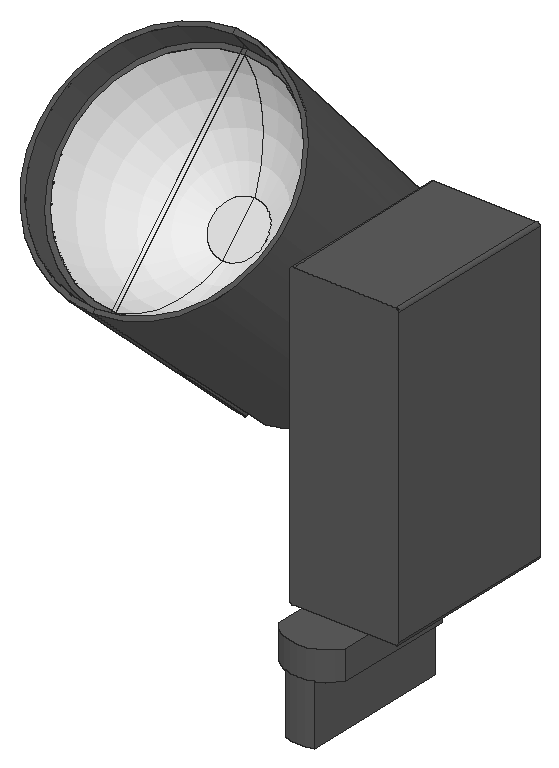
Revit family "0004858 Feilo Sylvania Lighting Fixture START TRACK SPOT L 55W 4K RA80 WB BLACK", category Lighting Fixtures, host Face, Revit 2017
Family settings
  Host = Face
  Round Connector Dimension = Use Diameter
  Part Type = Normal
  OmniClass Number = 23.80.70.00
  OmniClass Title = Lighting
  Cut with Voids When Loaded = No
  Light Source = No
  Shared = No
  Room Calculation Point = No
Parameters (values of type "0004858 START TRACK SPOT L 55W 4K RA80 WB BLACK")
  Weight = "1.398 kg"
  Wattage Comments = ""
  WarrantyStartDate [instance] = "n/a"
  WarrantyGuarantorParts = "n/a"
  WarrantyDurationUnit = "n/a"
  WarrantyDurationParts = "n/a"
  WarrantyDescription = "n/a"
  Voltage = 230 V
  URL = "http://www.sylvania-lighting.com"
  TypeName = "START TRACK SPOT L 55W 4K RA80 WB BLACK"
  TypeHead_FEILO = Start Track Spot Head : 0004858 START TRACK SPOT L 55W 4K RA80 WB BLACK
  TypeBox_FEILO = Start Track Spot Box : Type Large Black
  Type Image = <None>
  Type Comments = "n/a"
  VerticalRotation_FEILO [instance] = 0.00°
  SlideEndAngle_FEILO [instance] = VerticalRotation_FEILO + 180.00°  # 180.00°
  SerialNumber [instance] = "n/a"
  Material_3_FEILO = none
  PowerFactor = 0.96
  PowerConsumption = "55 W"
  NominalLength = 0 mm
  NominalHeight = 240 mm
  NominalDepth = 164 mm
  Name = "START TRACK SPOT L 55W 4K RA80 WB BLACK"
  ModelReference = Name  # "START TRACK SPOT L 55W 4K RA80 WB BLACK"
  ModelNumber = "0004858"
  Model = Name  # "START TRACK SPOT L 55W 4K RA80 WB BLACK"
  Material = "adc12 aluminium housing, polycarbonate diffuser"
  ManufacturerName = "Feilo Sylvania"
  Manufacturer = "Feilo Sylvania"
  LuminousEfficacy = "97 lm/W"
  LuminaireType = ""
  LightOutputRatio = "100"
  LampsType = Lamp  # "LED"
  LampNominalLuminous = "5320 lm"
  LampMacAdamStep = "3"
  LampColourTemperature = "4000 K"
  LampColourRenderingIndex = "80"
  Lamp = "LED"
  Keynote = "16500"
  InstallationDate [instance] = "n/a"
  InputVoltage = "230-240V~"
  InputNominalFrequency = "50/60 Hz"
  IngressProtection = "IP20"
  ImpactProtectionIndex = "IK02"
  IfcExportType = "IfcLightFixtureType"
  IfcExportAs = "IfcLightFixtureType"
  HorizontalRotation_FEILO [instance] = 45.00°
  ExpectedLife = 50000
  ElectricShockClassification = "Class II"
  DurationUnit = "hours"
  DocumentationLiterature = "http://www.sylvania-lighting.com/product/en-int/products/0004858"
  DimmingControlOptions = "Non dimmable"
  Material_2_FEILO = none
  Description = "Integrated LED spotlight, Textured Black - RAL9005, compact and minimalist design, ideal for retail applications, die-cast aluminium body, passive cooling heatsink. Beam angle: 52°, color temperature: 4000K , total system power: 55W, total fixture output: 5320 lm, LOR: 100%, colour rendering: Ra: 80 typical, LED Chromaticity: 3 step MacAdam ellipse, lifetime: >50000 hours at L70B50, energy class: A++, A+, A, IR/UV free light source without heat radiation, operating voltage: 220-240V / 50-60Hz, drive current: 1400mA, electronic driver, non-dimmable, power factor: 0.96, electrical protection: Class II, Global Track 3 Phase adapter suitable for Global trac 3-circuit tracks, ingress protection rating: IP20, suitable for internal environment only, horizontal rotation: 355°, vertical tilt: 90°, dimensions: Ø113x164x240, weight: 1.398kg."
  Default Elevation = 1219.2 mm
  CreatedOn = "12/12/2017"
  CreatedBy = ""
  Cost = 0
  built-in parameter 1114216 [instance] = (empty or 0)
  ClassificationValue = "EF_70_80"
  ClassificationName = "Uniclass2015"
  Material_1_FEILO = Body-Sylvania-StartTrackSpot-Black
  BarCode [instance] = "n/a"
  AssetType = "Fixed"
  AssetIdentifier [instance] = "n/a"
  Assembly Code = "D5020200"
  Apparent Load = 55 VA
  Material_4_FEILO = none
Reference planes
  plane 1 "Center (Front/Back)": y = 0
  plane 2: z = 0
  plane 3 "Center (Left/Right)": x = 0
  plane 4: x = 15
  plane 5: x = -15
  plane 6: y = 35
  plane 7: y = -35
  plane 8: z = 13
  plane 9: z = -27
  plane 10: x = 6.5
  plane 11: x = -6.5
  plane 12: y = 27
  plane 13: y = -27
  plane 14: y = 20
Forms (mm)
  Extrusion 1, solid, material "Body-Sylvania-StartTrackSpot-Black" <- "Material_1_FEILO"
    sketch origin (0, 0, 0) x (1, 0, 0) y (0, 1, 0)
      loop
        line (-15, 27) -> (-15, -27)
        arc (-15, -27) -> (0, -35) -> (15, -27) r 18.062
        line (15, -27) -> (15, 27)
        arc (15, 27) -> (0, 35) -> (-15, 27) r 18.062
    from 0 to 13
  Extrusion 2, solid, material "Body-Sylvania-StartTrackSpot-Black" <- "Material_1_FEILO"
    sketch origin (0, 0, 0) x (1, 0, 0) y (0, 1, 0)
      loop
        arc (6.5, 33.79) -> (0, 35) -> (-6.5, 33.79) r 18.062
        line (-6.5, 33.79) -> (-6.5, -33.79)
        arc (-6.5, -33.79) -> (0, -35) -> (6.5, -33.79) r 18.062
        line (6.5, -33.79) -> (6.5, 33.79)
    from 0 to -27
  Revolve 3, solid, not visible
    sketch origin (1524, 20, 1219.2) x (1, 0, 0) y (0, 0, 1)
      loop
        line (-1524, -1206.2) -> (-1524, -1191.285) -> (-1530.5, -1191.285) -> (-1530.5, -1206.2) -> (-1524, -1206.2)
      axis (-1524, -1191.285) -> (-1524, -1206.2)
    angle from 0 <- "VerticalRotation_FEILO" to 180 <- "SlideEndAngle_FEILO"
Cuts and joins
  joined: Extrusion 1, Extrusion 2
Dimensions and locks
  equal spacing: plane 10, plane 3 "Center (Left/Right)", plane 11
  equal spacing: plane 4, plane 3 "Center (Left/Right)", plane 5
  locked: plane 8 to plane 2 at 13
  locked: plane 8 to plane 9 at 40
  equal spacing: plane 13, plane 1 "Center (Front/Back)", plane 12
  locked: plane 12 to plane 6 at 8
  locked: plane 14 to plane 6 at 15
  locked: Revolve 3 sketch curve to plane 8 at 14.915
  aligned and locked: plane 2 to host face
  aligned and locked: level to host face
  aligned and locked: plane 5 to Extrusion 1 sketch curve  (x2)
  aligned and locked: plane 12 to Extrusion 1 sketch curve
  aligned and locked: plane 13 to Extrusion 1 sketch curve
  aligned and locked: plane 4 to Extrusion 1 sketch curve
  aligned and locked: Extrusion 1 to plane 8
  aligned and locked: Extrusion 1 to level
  aligned and locked: Extrusion 2 sketch curve to Extrusion 1  (x2)
  aligned and locked: Extrusion 2 sketch curve to plane 11
  aligned and locked: plane 10 to Extrusion 2 sketch curve
  aligned and locked: plane 9 to Extrusion 2
  aligned and locked: level to Extrusion 2
  aligned and locked: Revolve 3 sketch curve to plane 3 "Center (Left/Right)"  (x2)
  aligned and locked: plane 11 to Revolve 3 sketch curve
  aligned and locked: Revolve 3 sketch curve to plane 8
Automatic sketch dimensions
  host sketch curve to host sketch curve = 2438.4 mm  (x2)
  Extrusion 1 sketch curve to plane 3 "Center (Left/Right)" = 0 mm  (x2)
  Extrusion 1 sketch curve to plane 13 = 10.062 mm
  plane 12 to Extrusion 1 sketch curve = 10.062 mm
  Revolve 3 sketch curve to plane 3 "Center (Left/Right)" = 0 mm
  plane 9 to Revolve 3 sketch curve = 582.6 mm
  Revolve 3 sketch curve to Revolve 3 sketch curve = 2581.144 mm
Nested families
  nested 1: "Start Track Spot Head" at (-75.5, 20, 133) x (0, 0.7071, 0.7071) z (0, 0.7071, -0.7071), type <- "TypeHead_FEILO", type "0004858 START TRACK SPOT L 55W 4K RA80 WB BLACK"
    with built-in parameter 1114216 (empty or 0)
  nested 2: "Start Track Spot Box" at (8.5, 20, 85) x (-1, 0, 0) z (0, -1, 0), BoxStartAngle_FEILO <- "HorizontalRotation_FEILO", type <- "TypeBox_FEILO", type "Type Large Black"
    with BoxStartAngle_FEILO 45.00°, BoxEndAngle_FEILO -135.00°
Connectors
  electrical at (0, 0, 0), driven by "Apparent Load", driven by "PowerFactor", driven by "Voltage"
    settings: index 1, voltage 230 V, apparent load 55 VA, apparent load phase1 0 VA, apparent load phase2 0 VA, apparent load phase3 0 VA, power factor 0.96, load classification "Lighting", number of poles 1, system type 30, power factor state 1, is connector primary yes, connector utility no, sub classification motor no, connector description ""
Definition of nested family "Start Track Spot Head"
  Parameters (values of type "0004811 START TRACK SPOT S 14W 3K RA80 NB WHITE")
    Wattage Comments = "n/a"
    Wattage = 14 W
    built-in parameter 1150110 = 1 (stored number, unit not read)
    URL = "http://www.feilosylvania.com"
    Type Image = (empty or 0)
    Type Comments = "n/a"
    built-in parameter 1114217 = 1 (stored number, unit not read)
    Tilt Angle = -90.00°
    built-in parameter 1150109 = 1 (stored number, unit not read)
    built-in parameter 1150134 = (empty or 0)
    built-in parameter 1150113 = 1 (stored number, unit not read)
    Photometric Web File = "0004811.ies"
    Material_3_FEILO = none
    Model = "START TRACK SPOT S 14W 3K RA80 NB WHITE"
    Manufacturer = "Feilo Sylvania"
    built-in parameter 1150105 = 123.66 (stored number, unit not read)
    Lumens = 1554 lm
    built-in parameter 1150115 = 1 (stored number, unit not read)
    built-in parameter 1150137 = (empty or 0)
    built-in parameter 1150139 = (empty or 0)
    built-in parameter 1150112 = 1 (stored number, unit not read)
    built-in parameter 1150114 = 1 (stored number, unit not read)
    Lamp = "LED"
    Keynote = "16500"
    Material_2_FEILO = none
    built-in parameter 1150132 = (empty or 0)
    built-in parameter 1150102 = (empty or 0)
    built-in parameter 1150107 = 3000 (stored number, unit not read)
    built-in parameter 1150138 = (empty or 0)
    built-in parameter 1150106 = 1.2366 (stored number, unit not read)
    HeadThickness_FEILO = if(HeadDiaOut_FEILO > 112 mm, 2 mm, 1.5 mm)  # 1.5 mm
    HeadRibOffset_FEILO = HeadHeight_FEILO / 28  # 4.179 mm
    HeadRibDepth_FEILO = HeadHeight_FEILO / 2.1  # 55.714 mm
    HeadRibCutWidth_FEILO = HeadDiaOut_FEILO / 12  # 7.167 mm
    HeadRibCutOffset_FEILO = HeadHeight_FEILO / 2.3  # 50.87 mm
    HeadReflectorRadius_FEILO = HeadDiaOut_FEILO / 1.7  # 50.588 mm
    HeadReflectorOffset_FEILO = HeadHeight_FEILO / 2.1  # 55.714 mm
    HeadLEDRadius_FEILO = HeadDiaOut_FEILO / 9  # 9.556 mm
    HeadHeight_FEILO = 117 mm
    HeadDraft_FEILO = 1 mm
    HeadDiffusorThickness_FEILO = 3 mm
    HeadDiffusorOffset_FEILO = HeadHeight_FEILO / 12.4  # 9.435 mm
    HeadDiaOut_FEILO = 86 mm
    HeadDiaIn_FEILO = HeadDiaOut_FEILO / 1.11  # 77.477 mm
    HeadAxisFromTop_FEILO = HeadHeight_FEILO / 1.687  # 69.354 mm
    Emit from Circle Diameter = HeadDiaIn_FEILO  # 77.477 mm
    Emit Shape Visible in Rendering = no
    built-in parameter 1150104 = 10.312 (stored number, unit not read)
    Dimming Lamp Color Temperature Shift = (empty or 0)
    Description = "Integrated LED spotlight, Textured White - RAL9016, compact and minimalist design, ideal for retail applications, die-cast aluminium body, passive cooling heatsink. Beam angle: 12°, color temperature: 3000K , total system power: 14W, total fixture output: 1551 lm, LOR: 100%, colour rendering: Ra: 80 typical, LED Chromaticity: 3 step MacAdam ellipse, lifetime: >50000 hours at L70B50, energy class: A++, A+, A, IR/UV free light source without heat radiation, operating voltage: 220-240V / 50-60Hz, drive current: 350mA, electronic driver, non-dimmable, power factor: 0.92, electrical protection: Class II, Global Track 3 Phase adapter suitable for Global trac 3-circuit tracks, ingress protection rating: IP20, suitable for internal environment only, horizontal rotation: 355°, vertical tilt: 90°, dimensions: Ø86x140x200, weight: 0.940kg."
    Default Elevation = 1219.2 mm
    Cost = 0
    Color Filter = 16777215
    built-in parameter 1114216 [instance] = (empty or 0)
    Material_1_FEILO = none
    built-in parameter 1114218 = 1 (stored number, unit not read)
    built-in parameter 1150133 = 10 (stored number, unit not read)
    Assembly Code = "D5020200"
    Apparent Load = 14 VA
    Material_4_FEILO = none
  Types (96, lengths in mm): name | Wattage | built-in parameter 1150134 | Photometric Web File | Model | built-in parameter 1150105 | Lumens | built-in parameter 1150107 | built-in parameter 1150106 | HeadThickness_FEILO | HeadRibOffset_FEILO | HeadRibDepth_FEILO | HeadRibCutWidth_FEILO | HeadRibCutOffset_FEILO | HeadReflectorRadius_FEILO | HeadReflectorOffset_FEILO | HeadLEDRadius_FEILO | HeadHeight_FEILO | HeadDiffusorOffset_FEILO | HeadDiaOut_FEILO | HeadDiaIn_FEILO | HeadAxisFromTop_FEILO | Emit from Circle Diameter | built-in parameter 1150104 | Description | Apparent Load
    0004906 START TRACK SPOT L 55W 4K RA90 WB BLACK | 55 W | 12 | "0004906.ies" | "START TRACK SPOT L 55W 4K RA90 WB BLACK" | 385.15 (stored number, unit not read) | 4840 lm | 4000 (stored number, unit not read) | 3.8515 (stored number, unit not read) | 2 | 4.429 | 59.048 | 9.417 | 53.913 | 66.471 | 59.048 | 12.556 | 124 | 10 | 113 | 101.802 | 73.503 | 101.802 | 8.1755 (stored number, unit not read) | "Integrated LED spotlight, Textured Black - RAL9005, compact and minimalist design, ideal for retail applications, die-cast aluminium body, passive cooling heatsink. Beam angle: 52°, color temperature: 4000K , total system power: 55W, total fixture output: 4824 lm, LOR: 100%, colour rendering: Ra: 90 typical, LED Chromaticity: 3 step MacAdam ellipse, lifetime: >50000 hours at L70B50, energy class: A++, A+, A, IR/UV free light source without heat radiation, operating voltage: 220-240V / 50-60Hz, drive current: 1400mA, electronic driver, non-dimmable, power factor: 0.96, electrical protection: Class II, Global Track 3 Phase adapter suitable for Global trac 3-circuit tracks, ingress protection rating: IP20, suitable for internal environment only, horizontal rotation: 355°, vertical tilt: 90°, dimensions: Ø113x164x240, weight: 1.398kg." | 55 VA
    0004905 START TRACK SPOT L 55W 4K RA90 MB BLACK | 55 W | 12 | "0004905.ies" | "START TRACK SPOT L 55W 4K RA90 MB BLACK" | 389.53 (stored number, unit not read) | 4895 lm | 4000 (stored number, unit not read) | 3.8953 (stored number, unit not read) | 2 | 4.429 | 59.048 | 9.417 | 53.913 | 66.471 | 59.048 | 12.556 | 124 | 10 | 113 | 101.802 | 73.503 | 101.802 | 8.2684 (stored number, unit not read) | "Integrated LED spotlight, Textured Black - RAL9005, compact and minimalist design, ideal for retail applications, die-cast aluminium body, passive cooling heatsink. Beam angle: 38°, color temperature: 4000K , total system power: 55W, total fixture output: 4897 lm, LOR: 100%, colour rendering: Ra: 90 typical, LED Chromaticity: 3 step MacAdam ellipse, lifetime: >50000 hours at L70B50, energy class: A++, A+, A, IR/UV free light source without heat radiation, operating voltage: 220-240V / 50-60Hz, drive current: 1400mA, electronic driver, non-dimmable, power factor: 0.96, electrical protection: Class II, Global Track 3 Phase adapter suitable for Global trac 3-circuit tracks, ingress protection rating: IP20, suitable for internal environment only, horizontal rotation: 355°, vertical tilt: 90°, dimensions: Ø113x164x240, weight: 1.398kg." | 55 VA
    0004904 START TRACK SPOT L 55W 4K RA90 NB BLACK | 55 W | 12 | "0004904.ies" | "START TRACK SPOT L 55W 4K RA90 NB BLACK" | 393.91 (stored number, unit not read) | 4950 lm | 4000 (stored number, unit not read) | 3.9391 (stored number, unit not read) | 2 | 4.429 | 59.048 | 9.417 | 53.913 | 66.471 | 59.048 | 12.556 | 124 | 10 | 113 | 101.802 | 73.503 | 101.802 | 8.3613 (stored number, unit not read) | "Integrated LED spotlight, Textured Black - RAL9005, compact and minimalist design, ideal for retail applications, die-cast aluminium body, passive cooling heatsink. Beam angle: 15°, color temperature: 4000K , total system power: 55W, total fixture output: 4965 lm, LOR: 100%, colour rendering: Ra: 90 typical, LED Chromaticity: 3 step MacAdam ellipse, lifetime: >50000 hours at L70B50, energy class: A++, A+, A, IR/UV free light source without heat radiation, operating voltage: 220-240V / 50-60Hz, drive current: 1400mA, electronic driver, non-dimmable, power factor: 0.96, electrical protection: Class II, Global Track 3 Phase adapter suitable for Global trac 3-circuit tracks, ingress protection rating: IP20, suitable for internal environment only, horizontal rotation: 355°, vertical tilt: 90°, dimensions: Ø113x164x240, weight: 1.398kg." | 55 VA
    0004903 START TRACK SPOT L 35W 4K RA90 WB BLACK | 35 W | 12 | "0004903.ies" | "START TRACK SPOT L 35W 4K RA90 WB BLACK" | 284.09 (stored number, unit not read) | 3570 lm | 4000 (stored number, unit not read) | 2.8409 (stored number, unit not read) | 2 | 4.429 | 59.048 | 9.417 | 53.913 | 66.471 | 59.048 | 12.556 | 124 | 10 | 113 | 101.802 | 73.503 | 101.802 | 9.4761 (stored number, unit not read) | "Integrated LED spotlight, Textured Black - RAL9005, compact and minimalist design, ideal for retail applications, die-cast aluminium body, passive cooling heatsink. Beam angle: 52°, color temperature: 4000K , total system power: 35W, total fixture output: 3562 lm, LOR: 100%, colour rendering: Ra: 90 typical, LED Chromaticity: 3 step MacAdam ellipse, lifetime: >50000 hours at L70B50, energy class: A++, A+, A, IR/UV free light source without heat radiation, operating voltage: 220-240V / 50-60Hz, drive current: 900mA, electronic driver, non-dimmable, power factor: 0.93, electrical protection: Class II, Global Track 3 Phase adapter suitable for Global trac 3-circuit tracks, ingress protection rating: IP20, suitable for internal environment only, horizontal rotation: 355°, vertical tilt: 90°, dimensions: Ø113x164x240, weight: 1.368kg." | 35 VA
    0004902 START TRACK SPOT L 35W 4K RA90 MB BLACK | 35 W | 12 | "0004902.ies" | "START TRACK SPOT L 35W 4K RA90 MB BLACK" | 286.88 (stored number, unit not read) | 3605 lm | 4000 (stored number, unit not read) | 2.8688 (stored number, unit not read) | 2 | 4.429 | 59.048 | 9.417 | 53.913 | 66.471 | 59.048 | 12.556 | 124 | 10 | 113 | 101.802 | 73.503 | 101.802 | 9.569 (stored number, unit not read) | "Integrated LED spotlight, Textured Black - RAL9005, compact and minimalist design, ideal for retail applications, die-cast aluminium body, passive cooling heatsink. Beam angle: 38°, color temperature: 4000K , total system power: 35W, total fixture output: 3616 lm, LOR: 100%, colour rendering: Ra: 90 typical, LED Chromaticity: 3 step MacAdam ellipse, lifetime: >50000 hours at L70B50, energy class: A++, A+, A, IR/UV free light source without heat radiation, operating voltage: 220-240V / 50-60Hz, drive current: 900mA, electronic driver, non-dimmable, power factor: 0.93, electrical protection: Class II, Global Track 3 Phase adapter suitable for Global trac 3-circuit tracks, ingress protection rating: IP20, suitable for internal environment only, horizontal rotation: 355°, vertical tilt: 90°, dimensions: Ø113x164x240, weight: 1.368kg." | 35 VA
    0004901 START TRACK SPOT L 35W 4K RA90 NB BLACK | 35 W | 12 | "0004901.ies" | "START TRACK SPOT L 35W 4K RA90 NB BLACK" | 286.88 (stored number, unit not read) | 3605 lm | 4000 (stored number, unit not read) | 2.8688 (stored number, unit not read) | 2 | 4.429 | 59.048 | 9.417 | 53.913 | 66.471 | 59.048 | 12.556 | 124 | 10 | 113 | 101.802 | 73.503 | 101.802 | 9.569 (stored number, unit not read) | "Integrated LED spotlight, Textured Black - RAL9005, compact and minimalist design, ideal for retail applications, die-cast aluminium body, passive cooling heatsink. Beam angle: 15°, color temperature: 4000K , total system power: 35W, total fixture output: 3593 lm, LOR: 100%, colour rendering: Ra: 90 typical, LED Chromaticity: 3 step MacAdam ellipse, lifetime: >50000 hours at L70B50, energy class: A++, A+, A, IR/UV free light source without heat radiation, operating voltage: 220-240V / 50-60Hz, drive current: 900mA, electronic driver, non-dimmable, power factor: 0.93, electrical protection: Class II, Global Track 3 Phase adapter suitable for Global trac 3-circuit tracks, ingress protection rating: IP20, suitable for internal environment only, horizontal rotation: 355°, vertical tilt: 90°, dimensions: Ø113x164x240, weight: 1.368kg." | 35 VA
    0004900 START TRACK SPOT S 24W 4K RA90 WB BLACK | 24 W | 12 | "0004900.ies" | "START TRACK SPOT S 24W 4K RA90 WB BLACK" | 166.16 (stored number, unit not read) | 2088 lm | 4000 (stored number, unit not read) | 1.6616 (stored number, unit not read) | 1.5 | 4.179 | 55.714 | 7.167 | 50.87 | 50.588 | 55.714 | 9.556 | 117 | 9.435 | 86 | 77.477 | 69.354 | 77.477 | 8.0826 (stored number, unit not read) | "Integrated LED spotlight, Textured Black - RAL9005, compact and minimalist design, ideal for retail applications, die-cast aluminium body, passive cooling heatsink. Beam angle: 64°, color temperature: 4000K , total system power: 24W, total fixture output: 2087 lm, LOR: 100%, colour rendering: Ra: 90 typical, LED Chromaticity: 3 step MacAdam ellipse, lifetime: >50000 hours at L70B50, energy class: A++, A+, A, IR/UV free light source without heat radiation, operating voltage: 220-240V / 50-60Hz, drive current: 600mA, electronic driver, non-dimmable, power factor: 0.95, electrical protection: Class II, Global Track 3 Phase adapter suitable for Global trac 3-circuit tracks, ingress protection rating: IP20, suitable for internal environment only, horizontal rotation: 355°, vertical tilt: 90°, dimensions: Ø86x140x200, weight: 0.966kg." | 24 VA
    0004899 START TRACK SPOT S 24W 4K RA90 MB BLACK | 24 W | 12 | "0004899.ies" | "START TRACK SPOT S 24W 4K RA90 MB BLACK" | 169.98 (stored number, unit not read) | 2136 lm | 4000 (stored number, unit not read) | 1.6998 (stored number, unit not read) | 1.5 | 4.179 | 55.714 | 7.167 | 50.87 | 50.588 | 55.714 | 9.556 | 117 | 9.435 | 86 | 77.477 | 69.354 | 77.477 | 8.2684 (stored number, unit not read) | "Integrated LED spotlight, Textured Black - RAL9005, compact and minimalist design, ideal for retail applications, die-cast aluminium body, passive cooling heatsink. Beam angle: 36°, color temperature: 4000K , total system power: 24W, total fixture output: 2141 lm, LOR: 100%, colour rendering: Ra: 90 typical, LED Chromaticity: 3 step MacAdam ellipse, lifetime: >50000 hours at L70B50, energy class: A++, A+, A, IR/UV free light source without heat radiation, operating voltage: 220-240V / 50-60Hz, drive current: 600mA, electronic driver, non-dimmable, power factor: 0.95, electrical protection: Class II, Global Track 3 Phase adapter suitable for Global trac 3-circuit tracks, ingress protection rating: IP20, suitable for internal environment only, horizontal rotation: 355°, vertical tilt: 90°, dimensions: Ø86x140x200, weight: 0.966kg." | 24 VA
    0004898 START TRACK SPOT S 24W 4K RA90 NB BLACK | 24 W | 12 | "0004898.ies" | "START TRACK SPOT S 24W 4K RA90 NB BLACK" | 171.89 (stored number, unit not read) | 2160 lm | 4000 (stored number, unit not read) | 1.7189 (stored number, unit not read) | 1.5 | 4.179 | 55.714 | 7.167 | 50.87 | 50.588 | 55.714 | 9.556 | 117 | 9.435 | 86 | 77.477 | 69.354 | 77.477 | 8.3613 (stored number, unit not read) | "Integrated LED spotlight, Textured Black - RAL9005, compact and minimalist design, ideal for retail applications, die-cast aluminium body, passive cooling heatsink. Beam angle: 12°, color temperature: 4000K , total system power: 24W, total fixture output: 2155 lm, LOR: 100%, colour rendering: Ra: 90 typical, LED Chromaticity: 3 step MacAdam ellipse, lifetime: >50000 hours at L70B50, energy class: A++, A+, A, IR/UV free light source without heat radiation, operating voltage: 220-240V / 50-60Hz, drive current: 600mA, electronic driver, non-dimmable, power factor: 0.95, electrical protection: Class II, Global Track 3 Phase adapter suitable for Global trac 3-circuit tracks, ingress protection rating: IP20, suitable for internal environment only, horizontal rotation: 355°, vertical tilt: 90°, dimensions: Ø86x140x200, weight: 0.966kg." | 24 VA
    0004897 START TRACK SPOT S 14W 4K RA90 WB BLACK | 14 W | 12 | "0004897.ies" | "START TRACK SPOT S 14W 4K RA90 WB BLACK" | 108.07 (stored number, unit not read) | 1358 lm | 4000 (stored number, unit not read) | 1.0807 (stored number, unit not read) | 1.5 | 4.179 | 55.714 | 7.167 | 50.87 | 50.588 | 55.714 | 9.556 | 117 | 9.435 | 86 | 77.477 | 69.354 | 77.477 | 9.0116 (stored number, unit not read) | "Integrated LED spotlight, Textured Black - RAL9005, compact and minimalist design, ideal for retail applications, die-cast aluminium body, passive cooling heatsink. Beam angle: 64°, color temperature: 4000K , total system power: 14W, total fixture output: 1352 lm, LOR: 100%, colour rendering: Ra: 90 typical, LED Chromaticity: 3 step MacAdam ellipse, lifetime: >50000 hours at L70B50, energy class: A++, A+, A, IR/UV free light source without heat radiation, operating voltage: 220-240V / 50-60Hz, drive current: 350mA, electronic driver, non-dimmable, power factor: 0.92, electrical protection: Class II, Global Track 3 Phase adapter suitable for Global trac 3-circuit tracks, ingress protection rating: IP20, suitable for internal environment only, horizontal rotation: 355°, vertical tilt: 90°, dimensions: Ø86x140x200, weight: 0.940kg." | 14 VA
    0004896 START TRACK SPOT S 14W 4K RA90 MB BLACK | 14 W | 12 | "0004896.ies" | "START TRACK SPOT S 14W 4K RA90 MB BLACK" | 108.07 (stored number, unit not read) | 1358 lm | 4000 (stored number, unit not read) | 1.0807 (stored number, unit not read) | 1.5 | 4.179 | 55.714 | 7.167 | 50.87 | 50.588 | 55.714 | 9.556 | 117 | 9.435 | 86 | 77.477 | 69.354 | 77.477 | 9.0116 (stored number, unit not read) | "Integrated LED spotlight, Textured Black - RAL9005, compact and minimalist design, ideal for retail applications, die-cast aluminium body, passive cooling heatsink. Beam angle: 36°, color temperature: 4000K , total system power: 14W, total fixture output: 1359 lm, LOR: 100%, colour rendering: Ra: 90 typical, LED Chromaticity: 3 step MacAdam ellipse, lifetime: >50000 hours at L70B50, energy class: A++, A+, A, IR/UV free light source without heat radiation, operating voltage: 220-240V / 50-60Hz, drive current: 350mA, electronic driver, non-dimmable, power factor: 0.92, electrical protection: Class II, Global Track 3 Phase adapter suitable for Global trac 3-circuit tracks, ingress protection rating: IP20, suitable for internal environment only, horizontal rotation: 355°, vertical tilt: 90°, dimensions: Ø86x140x200, weight: 0.940kg." | 14 VA
    0004895 START TRACK SPOT S 14W 4K RA90 NB BLACK | 14 W | 12 | "0004895.ies" | "START TRACK SPOT S 14W 4K RA90 NB BLACK" | 106.95 (stored number, unit not read) | 1344 lm | 4000 (stored number, unit not read) | 1.0695 (stored number, unit not read) | 1.5 | 4.179 | 55.714 | 7.167 | 50.87 | 50.588 | 55.714 | 9.556 | 117 | 9.435 | 86 | 77.477 | 69.354 | 77.477 | 8.9187 (stored number, unit not read) | "Integrated LED spotlight, Textured Black - RAL9005, compact and minimalist design, ideal for retail applications, die-cast aluminium body, passive cooling heatsink. Beam angle: 12°, color temperature: 4000K , total system power: 14W, total fixture output: 1349 lm, LOR: 100%, colour rendering: Ra: 90 typical, LED Chromaticity: 3 step MacAdam ellipse, lifetime: >50000 hours at L70B50, energy class: A++, A+, A, IR/UV free light source without heat radiation, operating voltage: 220-240V / 50-60Hz, drive current: 350mA, electronic driver, non-dimmable, power factor: 0.92, electrical protection: Class II, Global Track 3 Phase adapter suitable for Global trac 3-circuit tracks, ingress protection rating: IP20, suitable for internal environment only, horizontal rotation: 355°, vertical tilt: 90°, dimensions: Ø86x140x200, weight: 0.940kg." | 14 VA
    0004894 START TRACK SPOT L 55W 3K RA90 WB BLACK | 55 W | (empty or 0) | "0004894.ies" | "START TRACK SPOT L 55W 3K RA90 WB BLACK" | 350.14 (stored number, unit not read) | 4400 lm | 3000 (stored number, unit not read) | 3.5014 (stored number, unit not read) | 2 | 4.429 | 59.048 | 9.417 | 53.913 | 66.471 | 59.048 | 12.556 | 124 | 10 | 113 | 101.802 | 73.503 | 101.802 | 7.4322 (stored number, unit not read) | "Integrated LED spotlight, Textured Black - RAL9005, compact and minimalist design, ideal for retail applications, die-cast aluminium body, passive cooling heatsink. Beam angle: 52°, color temperature: 3000K , total system power: 55W, total fixture output: 4405 lm, LOR: 100%, colour rendering: Ra: 90 typical, LED Chromaticity: 3 step MacAdam ellipse, lifetime: >50000 hours at L70B50, energy class: A++, A+, A, IR/UV free light source without heat radiation, operating voltage: 220-240V / 50-60Hz, drive current: 1400mA, electronic driver, non-dimmable, power factor: 0.96, electrical protection: Class II, Global Track 3 Phase adapter suitable for Global trac 3-circuit tracks, ingress protection rating: IP20, suitable for internal environment only, horizontal rotation: 355°, vertical tilt: 90°, dimensions: Ø113x164x240, weight: 1.398kg." | 55 VA
    0004893 START TRACK SPOT L 55W 3K RA90 MB BLACK | 55 W | (empty or 0) | "0004893.ies" | "START TRACK SPOT L 55W 3K RA90 MB BLACK" | 354.52 (stored number, unit not read) | 4455 lm | 3000 (stored number, unit not read) | 3.5452 (stored number, unit not read) | 2 | 4.429 | 59.048 | 9.417 | 53.913 | 66.471 | 59.048 | 12.556 | 124 | 10 | 113 | 101.802 | 73.503 | 101.802 | 7.5251 (stored number, unit not read) | "Integrated LED spotlight, Textured Black - RAL9005, compact and minimalist design, ideal for retail applications, die-cast aluminium body, passive cooling heatsink. Beam angle: 38°, color temperature: 3000K , total system power: 55W, total fixture output: 4448 lm, LOR: 100%, colour rendering: Ra: 90 typical, LED Chromaticity: 3 step MacAdam ellipse, lifetime: >50000 hours at L70B50, energy class: A++, A+, A, IR/UV free light source without heat radiation, operating voltage: 220-240V / 50-60Hz, drive current: 1400mA, electronic driver, non-dimmable, power factor: 0.96, electrical protection: Class II, Global Track 3 Phase adapter suitable for Global trac 3-circuit tracks, ingress protection rating: IP20, suitable for internal environment only, horizontal rotation: 355°, vertical tilt: 90°, dimensions: Ø113x164x240, weight: 1.398kg." | 55 VA
    0004892 START TRACK SPOT L 55W 3K RA90 NB BLACK | 55 W | (empty or 0) | "0004892.ies" | "START TRACK SPOT L 55W 3K RA90 NB BLACK" | 350.14 (stored number, unit not read) | 4400 lm | 3000 (stored number, unit not read) | 3.5014 (stored number, unit not read) | 2 | 4.429 | 59.048 | 9.417 | 53.913 | 66.471 | 59.048 | 12.556 | 124 | 10 | 113 | 101.802 | 73.503 | 101.802 | 7.4322 (stored number, unit not read) | "Integrated LED spotlight, Textured Black - RAL9005, compact and minimalist design, ideal for retail applications, die-cast aluminium body, passive cooling heatsink. Beam angle: 15°, color temperature: 3000K , total system power: 55W, total fixture output: 4416 lm, LOR: 100%, colour rendering: Ra: 90 typical, LED Chromaticity: 3 step MacAdam ellipse, lifetime: >50000 hours at L70B50, energy class: A++, A+, A, IR/UV free light source without heat radiation, operating voltage: 220-240V / 50-60Hz, drive current: 1400mA, electronic driver, non-dimmable, power factor: 0.96, electrical protection: Class II, Global Track 3 Phase adapter suitable for Global trac 3-circuit tracks, ingress protection rating: IP20, suitable for internal environment only, horizontal rotation: 355°, vertical tilt: 90°, dimensions: Ø113x164x240, weight: 1.398kg." | 55 VA
    0004891 START TRACK SPOT L 35W 3K RA90 WB BLACK | 35 W | (empty or 0) | "0004891.ies" | "START TRACK SPOT L 35W 3K RA90 WB BLACK" | 259.02 (stored number, unit not read) | 3255 lm | 3000 (stored number, unit not read) | 2.5902 (stored number, unit not read) | 2 | 4.429 | 59.048 | 9.417 | 53.913 | 66.471 | 59.048 | 12.556 | 124 | 10 | 113 | 101.802 | 73.503 | 101.802 | 8.64 (stored number, unit not read) | "Integrated LED spotlight, Textured Black - RAL9005, compact and minimalist design, ideal for retail applications, die-cast aluminium body, passive cooling heatsink. Beam angle: 52°, color temperature: 3000K , total system power: 35W, total fixture output: 3260 lm, LOR: 100%, colour rendering: Ra: 90 typical, LED Chromaticity: 3 step MacAdam ellipse, lifetime: >50000 hours at L70B50, energy class: A++, A+, A, IR/UV free light source without heat radiation, operating voltage: 220-240V / 50-60Hz, drive current: 900mA, electronic driver, non-dimmable, power factor: 0.93, electrical protection: Class II, Global Track 3 Phase adapter suitable for Global trac 3-circuit tracks, ingress protection rating: IP20, suitable for internal environment only, horizontal rotation: 355°, vertical tilt: 90°, dimensions: Ø113x164x240, weight: 1.368kg." | 35 VA
    0004890 START TRACK SPOT L 35W 3K RA90 MB BLACK | 35 W | (empty or 0) | "0004890.ies" | "START TRACK SPOT L 35W 3K RA90 MB BLACK" | 261.81 (stored number, unit not read) | 3290 lm | 3000 (stored number, unit not read) | 2.6181 (stored number, unit not read) | 2 | 4.429 | 59.048 | 9.417 | 53.913 | 66.471 | 59.048 | 12.556 | 124 | 10 | 113 | 101.802 | 73.503 | 101.802 | 8.7329 (stored number, unit not read) | "Integrated LED spotlight, Textured Black - RAL9005, compact and minimalist design, ideal for retail applications, die-cast aluminium body, passive cooling heatsink. Beam angle: 38°, color temperature: 3000K , total system power: 35W, total fixture output: 3306 lm, LOR: 100%, colour rendering: Ra: 90 typical, LED Chromaticity: 3 step MacAdam ellipse, lifetime: >50000 hours at L70B50, energy class: A++, A+, A, IR/UV free light source without heat radiation, operating voltage: 220-240V / 50-60Hz, drive current: 900mA, electronic driver, non-dimmable, power factor: 0.93, electrical protection: Class II, Global Track 3 Phase adapter suitable for Global trac 3-circuit tracks, ingress protection rating: IP20, suitable for internal environment only, horizontal rotation: 355°, vertical tilt: 90°, dimensions: Ø113x164x240, weight: 1.368kg." | 35 VA
    0004889 START TRACK SPOT L 35W 3K RA90 NB BLACK | 35 W | (empty or 0) | "0004889.ies" | "START TRACK SPOT L 35W 3K RA90 NB BLACK" | 261.81 (stored number, unit not read) | 3290 lm | 3000 (stored number, unit not read) | 2.6181 (stored number, unit not read) | 2 | 4.429 | 59.048 | 9.417 | 53.913 | 66.471 | 59.048 | 12.556 | 124 | 10 | 113 | 101.802 | 73.503 | 101.802 | 8.7329 (stored number, unit not read) | "Integrated LED spotlight, Textured Black - RAL9005, compact and minimalist design, ideal for retail applications, die-cast aluminium body, passive cooling heatsink. Beam angle: 15°, color temperature: 3000K , total system power: 35W, total fixture output: 3287 lm, LOR: 100%, colour rendering: Ra: 90 typical, LED Chromaticity: 3 step MacAdam ellipse, lifetime: >50000 hours at L70B50, energy class: A++, A+, A, IR/UV free light source without heat radiation, operating voltage: 220-240V / 50-60Hz, drive current: 900mA, electronic driver, non-dimmable, power factor: 0.93, electrical protection: Class II, Global Track 3 Phase adapter suitable for Global trac 3-circuit tracks, ingress protection rating: IP20, suitable for internal environment only, horizontal rotation: 355°, vertical tilt: 90°, dimensions: Ø113x164x240, weight: 1.368kg." | 35 VA
    0004888 START TRACK SPOT S 24W 3K RA90 WB BLACK | 24 W | (empty or 0) | "0004888.ies" | "START TRACK SPOT S 24W 3K RA90 WB BLACK" | 152.79 (stored number, unit not read) | 1920 lm | 3000 (stored number, unit not read) | 1.5279 (stored number, unit not read) | 1.5 | 4.179 | 55.714 | 7.167 | 50.87 | 50.588 | 55.714 | 9.556 | 117 | 9.435 | 86 | 77.477 | 69.354 | 77.477 | 7.4322 (stored number, unit not read) | "Integrated LED spotlight, Textured Black - RAL9005, compact and minimalist design, ideal for retail applications, die-cast aluminium body, passive cooling heatsink. Beam angle: 64°, color temperature: 3000K , total system power: 24W, total fixture output: 1928 lm, LOR: 100%, colour rendering: Ra: 90 typical, LED Chromaticity: 3 step MacAdam ellipse, lifetime: >50000 hours at L70B50, energy class: A++, A+, A, IR/UV free light source without heat radiation, operating voltage: 220-240V / 50-60Hz, drive current: 600mA, electronic driver, non-dimmable, power factor: 0.95, electrical protection: Class II, Global Track 3 Phase adapter suitable for Global trac 3-circuit tracks, ingress protection rating: IP20, suitable for internal environment only, horizontal rotation: 355°, vertical tilt: 90°, dimensions: Ø86x140x200, weight: 0.966kg." | 24 VA
    0004887 START TRACK SPOT S 24W 3K RA90 MB BLACK | 24 W | (empty or 0) | "0004887.ies" | "START TRACK SPOT S 24W 3K RA90 MB BLACK" | 154.7 (stored number, unit not read) | 1944 lm | 3000 (stored number, unit not read) | 1.547 (stored number, unit not read) | 1.5 | 4.179 | 55.714 | 7.167 | 50.87 | 50.588 | 55.714 | 9.556 | 117 | 9.435 | 86 | 77.477 | 69.354 | 77.477 | 7.5251 (stored number, unit not read) | "Integrated LED spotlight, Textured Black - RAL9005, compact and minimalist design, ideal for retail applications, die-cast aluminium body, passive cooling heatsink. Beam angle: 36°, color temperature: 3000K , total system power: 24W, total fixture output: 1944 lm, LOR: 100%, colour rendering: Ra: 90 typical, LED Chromaticity: 3 step MacAdam ellipse, lifetime: >50000 hours at L70B50, energy class: A++, A+, A, IR/UV free light source without heat radiation, operating voltage: 220-240V / 50-60Hz, drive current: 600mA, electronic driver, non-dimmable, power factor: 0.95, electrical protection: Class II, Global Track 3 Phase adapter suitable for Global trac 3-circuit tracks, ingress protection rating: IP20, suitable for internal environment only, horizontal rotation: 355°, vertical tilt: 90°, dimensions: Ø86x140x200, weight: 0.966kg." | 24 VA
    0004886 START TRACK SPOT S 24W 3K RA90 NB BLACK | 24 W | (empty or 0) | "0004886.ies" | "START TRACK SPOT S 24W 3K RA90 NB BLACK" | 158.52 (stored number, unit not read) | 1992 lm | 3000 (stored number, unit not read) | 1.5852 (stored number, unit not read) | 1.5 | 4.179 | 55.714 | 7.167 | 50.87 | 50.588 | 55.714 | 9.556 | 117 | 9.435 | 86 | 77.477 | 69.354 | 77.477 | 7.711 (stored number, unit not read) | "Integrated LED spotlight, Textured Black - RAL9005, compact and minimalist design, ideal for retail applications, die-cast aluminium body, passive cooling heatsink. Beam angle: 12°, color temperature: 3000K , total system power: 24W, total fixture output: 1987 lm, LOR: 100%, colour rendering: Ra: 90 typical, LED Chromaticity: 3 step MacAdam ellipse, lifetime: >50000 hours at L70B50, energy class: A++, A+, A, IR/UV free light source without heat radiation, operating voltage: 220-240V / 50-60Hz, drive current: 600mA, electronic driver, non-dimmable, power factor: 0.95, electrical protection: Class II, Global Track 3 Phase adapter suitable for Global trac 3-circuit tracks, ingress protection rating: IP20, suitable for internal environment only, horizontal rotation: 355°, vertical tilt: 90°, dimensions: Ø86x140x200, weight: 0.966kg." | 24 VA
    0004885 START TRACK SPOT S 14W 3K RA90 WB BLACK | 14 W | (empty or 0) | "0004885.ies" | "START TRACK SPOT S 14W 3K RA90 WB BLACK" | 100.27 (stored number, unit not read) | 1260 lm | 3000 (stored number, unit not read) | 1.0027 (stored number, unit not read) | 1.5 | 4.179 | 55.714 | 7.167 | 50.87 | 50.588 | 55.714 | 9.556 | 117 | 9.435 | 86 | 77.477 | 69.354 | 77.477 | 8.3613 (stored number, unit not read) | "Integrated LED spotlight, Textured Black - RAL9005, compact and minimalist design, ideal for retail applications, die-cast aluminium body, passive cooling heatsink. Beam angle: 64°, color temperature: 3000K , total system power: 14W, total fixture output: 1262 lm, LOR: 100%, colour rendering: Ra: 90 typical, LED Chromaticity: 3 step MacAdam ellipse, lifetime: >50000 hours at L70B50, energy class: A++, A+, A, IR/UV free light source without heat radiation, operating voltage: 220-240V / 50-60Hz, drive current: 350mA, electronic driver, non-dimmable, power factor: 0.92, electrical protection: Class II, Global Track 3 Phase adapter suitable for Global trac 3-circuit tracks, ingress protection rating: IP20, suitable for internal environment only, horizontal rotation: 355°, vertical tilt: 90°, dimensions: Ø86x140x200, weight: 0.940kg." | 14 VA
    0004884 START TRACK SPOT S 14W 3K RA90 MB BLACK | 14 W | (empty or 0) | "0004884.ies" | "START TRACK SPOT S 14W 3K RA90 MB BLACK" | 100.27 (stored number, unit not read) | 1260 lm | 3000 (stored number, unit not read) | 1.0027 (stored number, unit not read) | 1.5 | 4.179 | 55.714 | 7.167 | 50.87 | 50.588 | 55.714 | 9.556 | 117 | 9.435 | 86 | 77.477 | 69.354 | 77.477 | 8.3613 (stored number, unit not read) | "Integrated LED spotlight, Textured Black - RAL9005, compact and minimalist design, ideal for retail applications, die-cast aluminium body, passive cooling heatsink. Beam angle: 36°, color temperature: 3000K , total system power: 14W, total fixture output: 1262 lm, LOR: 100%, colour rendering: Ra: 90 typical, LED Chromaticity: 3 step MacAdam ellipse, lifetime: >50000 hours at L70B50, energy class: A++, A+, A, IR/UV free light source without heat radiation, operating voltage: 220-240V / 50-60Hz, drive current: 350mA, electronic driver, non-dimmable, power factor: 0.92, electrical protection: Class II, Global Track 3 Phase adapter suitable for Global trac 3-circuit tracks, ingress protection rating: IP20, suitable for internal environment only, horizontal rotation: 355°, vertical tilt: 90°, dimensions: Ø86x140x200, weight: 0.940kg." | 14 VA
    0004883 START TRACK SPOT S 14W 3K RA90 NB BLACK | 14 W | (empty or 0) | "0004883.ies" | "START TRACK SPOT S 14W 3K RA90 NB BLACK" | 102.5 (stored number, unit not read) | 1288 lm | 3000 (stored number, unit not read) | 1.025 (stored number, unit not read) | 1.5 | 4.179 | 55.714 | 7.167 | 50.87 | 50.588 | 55.714 | 9.556 | 117 | 9.435 | 86 | 77.477 | 69.354 | 77.477 | 8.5471 (stored number, unit not read) | "Integrated LED spotlight, Textured Black - RAL9005, compact and minimalist design, ideal for retail applications, die-cast aluminium body, passive cooling heatsink. Beam angle: 12°, color temperature: 3000K , total system power: 14W, total fixture output: 1284 lm, LOR: 100%, colour rendering: Ra: 90 typical, LED Chromaticity: 3 step MacAdam ellipse, lifetime: >50000 hours at L70B50, energy class: A++, A+, A, IR/UV free light source without heat radiation, operating voltage: 220-240V / 50-60Hz, drive current: 350mA, electronic driver, non-dimmable, power factor: 0.92, electrical protection: Class II, Global Track 3 Phase adapter suitable for Global trac 3-circuit tracks, ingress protection rating: IP20, suitable for internal environment only, horizontal rotation: 355°, vertical tilt: 90°, dimensions: Ø86x140x200, weight: 0.940kg." | 14 VA
    0004882 START TRACK SPOT L 55W 4K RA90 WB WHITE | 55 W | 12 | "0004882.ies" | "START TRACK SPOT L 55W 4K RA90 WB WHITE" | 385.15 (stored number, unit not read) | 4840 lm | 4000 (stored number, unit not read) | 3.8515 (stored number, unit not read) | 2 | 4.429 | 59.048 | 9.417 | 53.913 | 66.471 | 59.048 | 12.556 | 124 | 10 | 113 | 101.802 | 73.503 | 101.802 | 8.1755 (stored number, unit not read) | "Integrated LED spotlight, Textured White - RAL9016, compact and minimalist design, ideal for retail applications, die-cast aluminium body, passive cooling heatsink. Beam angle: 52°, color temperature: 4000K , total system power: 55W, total fixture output: 4824 lm, LOR: 100%, colour rendering: Ra: 90 typical, LED Chromaticity: 3 step MacAdam ellipse, lifetime: >50000 hours at L70B50, energy class: A++, A+, A, IR/UV free light source without heat radiation, operating voltage: 220-240V / 50-60Hz, drive current: 1400mA, electronic driver, non-dimmable, power factor: 0.96, electrical protection: Class II, Global Track 3 Phase adapter suitable for Global trac 3-circuit tracks, ingress protection rating: IP20, suitable for internal environment only, horizontal rotation: 355°, vertical tilt: 90°, dimensions: Ø113x164x240, weight: 1.398kg." | 55 VA
    0004881 START TRACK SPOT L 55W 4K RA90 MB WHITE | 55 W | 12 | "0004881.ies" | "START TRACK SPOT L 55W 4K RA90 MB WHITE" | 389.53 (stored number, unit not read) | 4895 lm | 4000 (stored number, unit not read) | 3.8953 (stored number, unit not read) | 2 | 4.429 | 59.048 | 9.417 | 53.913 | 66.471 | 59.048 | 12.556 | 124 | 10 | 113 | 101.802 | 73.503 | 101.802 | 8.2684 (stored number, unit not read) | "Integrated LED spotlight, Textured White - RAL9016, compact and minimalist design, ideal for retail applications, die-cast aluminium body, passive cooling heatsink. Beam angle: 38°, color temperature: 4000K , total system power: 55W, total fixture output: 4897 lm, LOR: 100%, colour rendering: Ra: 90 typical, LED Chromaticity: 3 step MacAdam ellipse, lifetime: >50000 hours at L70B50, energy class: A++, A+, A, IR/UV free light source without heat radiation, operating voltage: 220-240V / 50-60Hz, drive current: 1400mA, electronic driver, non-dimmable, power factor: 0.96, electrical protection: Class II, Global Track 3 Phase adapter suitable for Global trac 3-circuit tracks, ingress protection rating: IP20, suitable for internal environment only, horizontal rotation: 355°, vertical tilt: 90°, dimensions: Ø113x164x240, weight: 1.398kg." | 55 VA
    0004880 START TRACK SPOT L 55W 4K RA90 NB WHITE | 55 W | 12 | "0004880.ies" | "START TRACK SPOT L 55W 4K RA90 NB WHITE" | 393.91 (stored number, unit not read) | 4950 lm | 4000 (stored number, unit not read) | 3.9391 (stored number, unit not read) | 2 | 4.429 | 59.048 | 9.417 | 53.913 | 66.471 | 59.048 | 12.556 | 124 | 10 | 113 | 101.802 | 73.503 | 101.802 | 8.3613 (stored number, unit not read) | "Integrated LED spotlight, Textured White - RAL9016, compact and minimalist design, ideal for retail applications, die-cast aluminium body, passive cooling heatsink. Beam angle: 15°, color temperature: 4000K , total system power: 55W, total fixture output: 4965 lm, LOR: 100%, colour rendering: Ra: 90 typical, LED Chromaticity: 3 step MacAdam ellipse, lifetime: >50000 hours at L70B50, energy class: A++, A+, A, IR/UV free light source without heat radiation, operating voltage: 220-240V / 50-60Hz, drive current: 1400mA, electronic driver, non-dimmable, power factor: 0.96, electrical protection: Class II, Global Track 3 Phase adapter suitable for Global trac 3-circuit tracks, ingress protection rating: IP20, suitable for internal environment only, horizontal rotation: 355°, vertical tilt: 90°, dimensions: Ø113x164x240, weight: 1.398kg." | 55 VA
    0004879 START TRACK SPOT L 35W 4K RA90 WB WHITE | 35 W | 12 | "0004879.ies" | "START TRACK SPOT L 35W 4K RA90 WB WHITE" | 284.09 (stored number, unit not read) | 3570 lm | 4000 (stored number, unit not read) | 2.8409 (stored number, unit not read) | 2 | 4.429 | 59.048 | 9.417 | 53.913 | 66.471 | 59.048 | 12.556 | 124 | 10 | 113 | 101.802 | 73.503 | 101.802 | 9.4761 (stored number, unit not read) | "Integrated LED spotlight, Textured White - RAL9016, compact and minimalist design, ideal for retail applications, die-cast aluminium body, passive cooling heatsink. Beam angle: 52°, color temperature: 4000K , total system power: 35W, total fixture output: 3562 lm, LOR: 100%, colour rendering: Ra: 90 typical, LED Chromaticity: 3 step MacAdam ellipse, lifetime: >50000 hours at L70B50, energy class: A++, A+, A, IR/UV free light source without heat radiation, operating voltage: 220-240V / 50-60Hz, drive current: 900mA, electronic driver, non-dimmable, power factor: 0.93, electrical protection: Class II, Global Track 3 Phase adapter suitable for Global trac 3-circuit tracks, ingress protection rating: IP20, suitable for internal environment only, horizontal rotation: 355°, vertical tilt: 90°, dimensions: Ø113x164x240, weight: 1.368kg." | 35 VA
    0004878 START TRACK SPOT L 35W 4K RA90 MB WHITE | 35 W | 12 | "0004878.ies" | "START TRACK SPOT L 35W 4K RA90 MB WHITE" | 286.88 (stored number, unit not read) | 3605 lm | 4000 (stored number, unit not read) | 2.8688 (stored number, unit not read) | 2 | 4.429 | 59.048 | 9.417 | 53.913 | 66.471 | 59.048 | 12.556 | 124 | 10 | 113 | 101.802 | 73.503 | 101.802 | 9.569 (stored number, unit not read) | "Integrated LED spotlight, Textured White - RAL9016, compact and minimalist design, ideal for retail applications, die-cast aluminium body, passive cooling heatsink. Beam angle: 38°, color temperature: 4000K , total system power: 35W, total fixture output: 3616 lm, LOR: 100%, colour rendering: Ra: 90 typical, LED Chromaticity: 3 step MacAdam ellipse, lifetime: >50000 hours at L70B50, energy class: A++, A+, A, IR/UV free light source without heat radiation, operating voltage: 220-240V / 50-60Hz, drive current: 900mA, electronic driver, non-dimmable, power factor: 0.93, electrical protection: Class II, Global Track 3 Phase adapter suitable for Global trac 3-circuit tracks, ingress protection rating: IP20, suitable for internal environment only, horizontal rotation: 355°, vertical tilt: 90°, dimensions: Ø113x164x240, weight: 1.368kg." | 35 VA
    0004877 START TRACK SPOT L 35W 4K RA90 NB WHITE | 35 W | 12 | "0004877.ies" | "START TRACK SPOT L 35W 4K RA90 NB WHITE" | 286.88 (stored number, unit not read) | 3605 lm | 4000 (stored number, unit not read) | 2.8688 (stored number, unit not read) | 2 | 4.429 | 59.048 | 9.417 | 53.913 | 66.471 | 59.048 | 12.556 | 124 | 10 | 113 | 101.802 | 73.503 | 101.802 | 9.569 (stored number, unit not read) | "Integrated LED spotlight, Textured White - RAL9016, compact and minimalist design, ideal for retail applications, die-cast aluminium body, passive cooling heatsink. Beam angle: 15°, color temperature: 4000K , total system power: 35W, total fixture output: 3593 lm, LOR: 100%, colour rendering: Ra: 90 typical, LED Chromaticity: 3 step MacAdam ellipse, lifetime: >50000 hours at L70B50, energy class: A++, A+, A, IR/UV free light source without heat radiation, operating voltage: 220-240V / 50-60Hz, drive current: 900mA, electronic driver, non-dimmable, power factor: 0.93, electrical protection: Class II, Global Track 3 Phase adapter suitable for Global trac 3-circuit tracks, ingress protection rating: IP20, suitable for internal environment only, horizontal rotation: 355°, vertical tilt: 90°, dimensions: Ø113x164x240, weight: 1.368kg." | 35 VA
    0004876 START TRACK SPOT S 24W 4K RA90 WB WHITE | 24 W | 12 | "0004876.ies" | "START TRACK SPOT S 24W 4K RA90 WB WHITE" | 166.16 (stored number, unit not read) | 2088 lm | 4000 (stored number, unit not read) | 1.6616 (stored number, unit not read) | 1.5 | 4.179 | 55.714 | 7.167 | 50.87 | 50.588 | 55.714 | 9.556 | 117 | 9.435 | 86 | 77.477 | 69.354 | 77.477 | 8.0826 (stored number, unit not read) | "Integrated LED spotlight, Textured White - RAL9016, compact and minimalist design, ideal for retail applications, die-cast aluminium body, passive cooling heatsink. Beam angle: 64°, color temperature: 4000K , total system power: 24W, total fixture output: 2087 lm, LOR: 100%, colour rendering: Ra: 90 typical, LED Chromaticity: 3 step MacAdam ellipse, lifetime: >50000 hours at L70B50, energy class: A++, A+, A, IR/UV free light source without heat radiation, operating voltage: 220-240V / 50-60Hz, drive current: 600mA, electronic driver, non-dimmable, power factor: 0.95, electrical protection: Class II, Global Track 3 Phase adapter suitable for Global trac 3-circuit tracks, ingress protection rating: IP20, suitable for internal environment only, horizontal rotation: 355°, vertical tilt: 90°, dimensions: Ø86x140x200, weight: 0.966kg." | 24 VA
    0004875 START TRACK SPOT S 24W 4K RA90 MB WHITE | 24 W | 12 | "0004875.ies" | "START TRACK SPOT S 24W 4K RA90 MB WHITE" | 169.98 (stored number, unit not read) | 2136 lm | 4000 (stored number, unit not read) | 1.6998 (stored number, unit not read) | 1.5 | 4.179 | 55.714 | 7.167 | 50.87 | 50.588 | 55.714 | 9.556 | 117 | 9.435 | 86 | 77.477 | 69.354 | 77.477 | 8.2684 (stored number, unit not read) | "Integrated LED spotlight, Textured White - RAL9016, compact and minimalist design, ideal for retail applications, die-cast aluminium body, passive cooling heatsink. Beam angle: 36°, color temperature: 4000K , total system power: 24W, total fixture output: 2141 lm, LOR: 100%, colour rendering: Ra: 90 typical, LED Chromaticity: 3 step MacAdam ellipse, lifetime: >50000 hours at L70B50, energy class: A++, A+, A, IR/UV free light source without heat radiation, operating voltage: 220-240V / 50-60Hz, drive current: 600mA, electronic driver, non-dimmable, power factor: 0.95, electrical protection: Class II, Global Track 3 Phase adapter suitable for Global trac 3-circuit tracks, ingress protection rating: IP20, suitable for internal environment only, horizontal rotation: 355°, vertical tilt: 90°, dimensions: Ø86x140x200, weight: 0.966kg." | 24 VA
    0004874 START TRACK SPOT S 24W 4K RA90 NB WHITE | 24 W | 12 | "0004874.ies" | "START TRACK SPOT S 24W 4K RA90 NB WHITE" | 171.89 (stored number, unit not read) | 2160 lm | 4000 (stored number, unit not read) | 1.7189 (stored number, unit not read) | 1.5 | 4.179 | 55.714 | 7.167 | 50.87 | 50.588 | 55.714 | 9.556 | 117 | 9.435 | 86 | 77.477 | 69.354 | 77.477 | 8.3613 (stored number, unit not read) | "Integrated LED spotlight, Textured White - RAL9016, compact and minimalist design, ideal for retail applications, die-cast aluminium body, passive cooling heatsink. Beam angle: 12°, color temperature: 4000K , total system power: 24W, total fixture output: 2155 lm, LOR: 100%, colour rendering: Ra: 90 typical, LED Chromaticity: 3 step MacAdam ellipse, lifetime: >50000 hours at L70B50, energy class: A++, A+, A, IR/UV free light source without heat radiation, operating voltage: 220-240V / 50-60Hz, drive current: 600mA, electronic driver, non-dimmable, power factor: 0.95, electrical protection: Class II, Global Track 3 Phase adapter suitable for Global trac 3-circuit tracks, ingress protection rating: IP20, suitable for internal environment only, horizontal rotation: 355°, vertical tilt: 90°, dimensions: Ø86x140x200, weight: 0.966kg." | 24 VA
    0004873 START TRACK SPOT S 14W 4K RA90 WB WHITE | 14 W | 12 | "0004873.ies" | "START TRACK SPOT S 14W 4K RA90 WB WHITE" | 108.07 (stored number, unit not read) | 1358 lm | 4000 (stored number, unit not read) | 1.0807 (stored number, unit not read) | 1.5 | 4.179 | 55.714 | 7.167 | 50.87 | 50.588 | 55.714 | 9.556 | 117 | 9.435 | 86 | 77.477 | 69.354 | 77.477 | 9.0116 (stored number, unit not read) | "Integrated LED spotlight, Textured White - RAL9016, compact and minimalist design, ideal for retail applications, die-cast aluminium body, passive cooling heatsink. Beam angle: 64°, color temperature: 4000K , total system power: 14W, total fixture output: 1352 lm, LOR: 100%, colour rendering: Ra: 90 typical, LED Chromaticity: 3 step MacAdam ellipse, lifetime: >50000 hours at L70B50, energy class: A++, A+, A, IR/UV free light source without heat radiation, operating voltage: 220-240V / 50-60Hz, drive current: 350mA, electronic driver, non-dimmable, power factor: 0.92, electrical protection: Class II, Global Track 3 Phase adapter suitable for Global trac 3-circuit tracks, ingress protection rating: IP20, suitable for internal environment only, horizontal rotation: 355°, vertical tilt: 90°, dimensions: Ø86x140x200, weight: 0.940kg." | 14 VA
    0004872 START TRACK SPOT S 14W 4K RA90 MB WHITE | 14 W | 12 | "0004872.ies" | "START TRACK SPOT S 14W 4K RA90 MB WHITE" | 108.07 (stored number, unit not read) | 1358 lm | 4000 (stored number, unit not read) | 1.0807 (stored number, unit not read) | 1.5 | 4.179 | 55.714 | 7.167 | 50.87 | 50.588 | 55.714 | 9.556 | 117 | 9.435 | 86 | 77.477 | 69.354 | 77.477 | 9.0116 (stored number, unit not read) | "Integrated LED spotlight, Textured White - RAL9016, compact and minimalist design, ideal for retail applications, die-cast aluminium body, passive cooling heatsink. Beam angle: 36°, color temperature: 4000K , total system power: 14W, total fixture output: 1359 lm, LOR: 100%, colour rendering: Ra: 90 typical, LED Chromaticity: 3 step MacAdam ellipse, lifetime: >50000 hours at L70B50, energy class: A++, A+, A, IR/UV free light source without heat radiation, operating voltage: 220-240V / 50-60Hz, drive current: 350mA, electronic driver, non-dimmable, power factor: 0.92, electrical protection: Class II, Global Track 3 Phase adapter suitable for Global trac 3-circuit tracks, ingress protection rating: IP20, suitable for internal environment only, horizontal rotation: 355°, vertical tilt: 90°, dimensions: Ø86x140x200, weight: 0.940kg." | 14 VA
    0004871 START TRACK SPOT S 14W 4K RA90 NB WHITE | 14 W | 12 | "0004871.ies" | "START TRACK SPOT S 14W 4K RA90 NB WHITE" | 106.95 (stored number, unit not read) | 1344 lm | 4000 (stored number, unit not read) | 1.0695 (stored number, unit not read) | 1.5 | 4.179 | 55.714 | 7.167 | 50.87 | 50.588 | 55.714 | 9.556 | 117 | 9.435 | 86 | 77.477 | 69.354 | 77.477 | 8.9187 (stored number, unit not read) | "Integrated LED spotlight, Textured White - RAL9016, compact and minimalist design, ideal for retail applications, die-cast aluminium body, passive cooling heatsink. Beam angle: 12°, color temperature: 4000K , total system power: 14W, total fixture output: 1349 lm, LOR: 100%, colour rendering: Ra: 90 typical, LED Chromaticity: 3 step MacAdam ellipse, lifetime: >50000 hours at L70B50, energy class: A++, A+, A, IR/UV free light source without heat radiation, operating voltage: 220-240V / 50-60Hz, drive current: 350mA, electronic driver, non-dimmable, power factor: 0.92, electrical protection: Class II, Global Track 3 Phase adapter suitable for Global trac 3-circuit tracks, ingress protection rating: IP20, suitable for internal environment only, horizontal rotation: 355°, vertical tilt: 90°, dimensions: Ø86x140x200, weight: 0.940kg." | 14 VA
    0004870 START TRACK SPOT L 55W 3K RA90 WB WHITE | 55 W | (empty or 0) | "0004870.ies" | "START TRACK SPOT L 55W 3K RA90 WB WHITE" | 350.14 (stored number, unit not read) | 4400 lm | 3000 (stored number, unit not read) | 3.5014 (stored number, unit not read) | 2 | 4.429 | 59.048 | 9.417 | 53.913 | 66.471 | 59.048 | 12.556 | 124 | 10 | 113 | 101.802 | 73.503 | 101.802 | 7.4322 (stored number, unit not read) | "Integrated LED spotlight, Textured White - RAL9016, compact and minimalist design, ideal for retail applications, die-cast aluminium body, passive cooling heatsink. Beam angle: 52°, color temperature: 3000K , total system power: 55W, total fixture output: 4405 lm, LOR: 100%, colour rendering: Ra: 90 typical, LED Chromaticity: 3 step MacAdam ellipse, lifetime: >50000 hours at L70B50, energy class: A++, A+, A, IR/UV free light source without heat radiation, operating voltage: 220-240V / 50-60Hz, drive current: 1400mA, electronic driver, non-dimmable, power factor: 0.96, electrical protection: Class II, Global Track 3 Phase adapter suitable for Global trac 3-circuit tracks, ingress protection rating: IP20, suitable for internal environment only, horizontal rotation: 355°, vertical tilt: 90°, dimensions: Ø113x164x240, weight: 1.398kg." | 55 VA
    0004869 START TRACK SPOT L 55W 3K RA90 MB WHITE | 55 W | (empty or 0) | "0004869.ies" | "START TRACK SPOT L 55W 3K RA90 MB WHITE" | 354.52 (stored number, unit not read) | 4455 lm | 3000 (stored number, unit not read) | 3.5452 (stored number, unit not read) | 2 | 4.429 | 59.048 | 9.417 | 53.913 | 66.471 | 59.048 | 12.556 | 124 | 10 | 113 | 101.802 | 73.503 | 101.802 | 7.5251 (stored number, unit not read) | "Integrated LED spotlight, Textured White - RAL9016, compact and minimalist design, ideal for retail applications, die-cast aluminium body, passive cooling heatsink. Beam angle: 38°, color temperature: 3000K , total system power: 55W, total fixture output: 4448 lm, LOR: 100%, colour rendering: Ra: 90 typical, LED Chromaticity: 3 step MacAdam ellipse, lifetime: >50000 hours at L70B50, energy class: A++, A+, A, IR/UV free light source without heat radiation, operating voltage: 220-240V / 50-60Hz, drive current: 1400mA, electronic driver, non-dimmable, power factor: 0.96, electrical protection: Class II, Global Track 3 Phase adapter suitable for Global trac 3-circuit tracks, ingress protection rating: IP20, suitable for internal environment only, horizontal rotation: 355°, vertical tilt: 90°, dimensions: Ø113x164x240, weight: 1.398kg." | 55 VA
    0004868 START TRACK SPOT L 55W 3K RA90 NB WHITE | 55 W | (empty or 0) | "0004868.ies" | "START TRACK SPOT L 55W 3K RA90 NB WHITE" | 350.14 (stored number, unit not read) | 4400 lm | 3000 (stored number, unit not read) | 3.5014 (stored number, unit not read) | 2 | 4.429 | 59.048 | 9.417 | 53.913 | 66.471 | 59.048 | 12.556 | 124 | 10 | 113 | 101.802 | 73.503 | 101.802 | 7.4322 (stored number, unit not read) | "Integrated LED spotlight, Textured White - RAL9016, compact and minimalist design, ideal for retail applications, die-cast aluminium body, passive cooling heatsink. Beam angle: 15°, color temperature: 3000K , total system power: 55W, total fixture output: 4416 lm, LOR: 100%, colour rendering: Ra: 90 typical, LED Chromaticity: 3 step MacAdam ellipse, lifetime: >50000 hours at L70B50, energy class: A++, A+, A, IR/UV free light source without heat radiation, operating voltage: 220-240V / 50-60Hz, drive current: 1400mA, electronic driver, non-dimmable, power factor: 0.96, electrical protection: Class II, Global Track 3 Phase adapter suitable for Global trac 3-circuit tracks, ingress protection rating: IP20, suitable for internal environment only, horizontal rotation: 355°, vertical tilt: 90°, dimensions: Ø113x164x240, weight: 1.398kg." | 55 VA
    0004867 START TRACK SPOT L 35W 3K RA90 WB WHITE | 35 W | (empty or 0) | "0004867.ies" | "START TRACK SPOT L 35W 3K RA90 WB WHITE" | 259.02 (stored number, unit not read) | 3255 lm | 3000 (stored number, unit not read) | 2.5902 (stored number, unit not read) | 2 | 4.429 | 59.048 | 9.417 | 53.913 | 66.471 | 59.048 | 12.556 | 124 | 10 | 113 | 101.802 | 73.503 | 101.802 | 8.64 (stored number, unit not read) | "Integrated LED spotlight, Textured White - RAL9016, compact and minimalist design, ideal for retail applications, die-cast aluminium body, passive cooling heatsink. Beam angle: 52°, color temperature: 3000K , total system power: 35W, total fixture output: 3260 lm, LOR: 100%, colour rendering: Ra: 90 typical, LED Chromaticity: 3 step MacAdam ellipse, lifetime: >50000 hours at L70B50, energy class: A++, A+, A, IR/UV free light source without heat radiation, operating voltage: 220-240V / 50-60Hz, drive current: 900mA, electronic driver, non-dimmable, power factor: 0.93, electrical protection: Class II, Global Track 3 Phase adapter suitable for Global trac 3-circuit tracks, ingress protection rating: IP20, suitable for internal environment only, horizontal rotation: 355°, vertical tilt: 90°, dimensions: Ø113x164x240, weight: 1.368kg." | 35 VA
    0004866 START TRACK SPOT L 35W 3K RA90 MB WHITE | 35 W | (empty or 0) | "0004866.ies" | "START TRACK SPOT L 35W 3K RA90 MB WHITE" | 261.81 (stored number, unit not read) | 3290 lm | 3000 (stored number, unit not read) | 2.6181 (stored number, unit not read) | 2 | 4.429 | 59.048 | 9.417 | 53.913 | 66.471 | 59.048 | 12.556 | 124 | 10 | 113 | 101.802 | 73.503 | 101.802 | 8.7329 (stored number, unit not read) | "Integrated LED spotlight, Textured White - RAL9016, compact and minimalist design, ideal for retail applications, die-cast aluminium body, passive cooling heatsink. Beam angle: 38°, color temperature: 3000K , total system power: 35W, total fixture output: 3306 lm, LOR: 100%, colour rendering: Ra: 90 typical, LED Chromaticity: 3 step MacAdam ellipse, lifetime: >50000 hours at L70B50, energy class: A++, A+, A, IR/UV free light source without heat radiation, operating voltage: 220-240V / 50-60Hz, drive current: 900mA, electronic driver, non-dimmable, power factor: 0.93, electrical protection: Class II, Global Track 3 Phase adapter suitable for Global trac 3-circuit tracks, ingress protection rating: IP20, suitable for internal environment only, horizontal rotation: 355°, vertical tilt: 90°, dimensions: Ø113x164x240, weight: 1.368kg." | 35 VA
    0004865 START TRACK SPOT L 35W 3K RA90 NB WHITE | 35 W | (empty or 0) | "0004865.ies" | "START TRACK SPOT L 35W 3K RA90 NB WHITE" | 261.81 (stored number, unit not read) | 3290 lm | 3000 (stored number, unit not read) | 2.6181 (stored number, unit not read) | 2 | 4.429 | 59.048 | 9.417 | 53.913 | 66.471 | 59.048 | 12.556 | 124 | 10 | 113 | 101.802 | 73.503 | 101.802 | 8.7329 (stored number, unit not read) | "Integrated LED spotlight, Textured White - RAL9016, compact and minimalist design, ideal for retail applications, die-cast aluminium body, passive cooling heatsink. Beam angle: 15°, color temperature: 3000K , total system power: 35W, total fixture output: 3287 lm, LOR: 100%, colour rendering: Ra: 90 typical, LED Chromaticity: 3 step MacAdam ellipse, lifetime: >50000 hours at L70B50, energy class: A++, A+, A, IR/UV free light source without heat radiation, operating voltage: 220-240V / 50-60Hz, drive current: 900mA, electronic driver, non-dimmable, power factor: 0.93, electrical protection: Class II, Global Track 3 Phase adapter suitable for Global trac 3-circuit tracks, ingress protection rating: IP20, suitable for internal environment only, horizontal rotation: 355°, vertical tilt: 90°, dimensions: Ø113x164x240, weight: 1.368kg." | 35 VA
